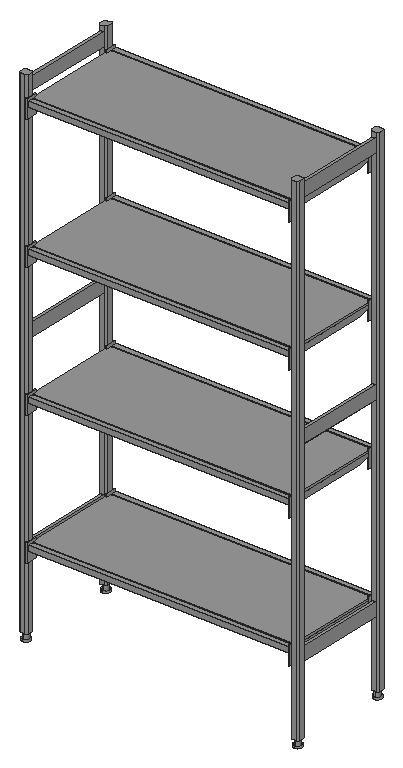
Revit family "QF_ZANUSSI_137012_ALS950", category Attrezzature speciali, Revit 2020
Family settings
  Quota connettore circolare = Usa diametro
  Tipo di parte = Normale
  Basato su piano di lavoro = No
  Sempre verticale = Sì
  Taglio con vuoti quando caricato = No
  Condiviso = No
  Punto di calcolo locali = No
Parameters (values of type "Standard")
  Weight = 18.00 kg
  Watts = 0 W
  Volts = 0 V
  URL Manufacturer = "http://www.zanussiprofessional.com"
  URL = "http://www.zanussiprofessional.com"
  Steam Supply Size = 0 mm
  Steam Supply Minimum Pressure = 0.0 Pa
  Steam Supply Maximum Pressure = 0.0 Pa
  Steam Consumption per Hour = 0
  Refrigeration Suction Line Size = 0.0 mm
  Refrigeration Liquid Line Size = 0.0 mm
  Refrigerant Compressor Remote = yes
  Prospetto di default = 0.0 mm
  Phase = 0
  Modello = "ALS950"
  Produttore = "Zanussi"
  Length Actual = 950.0 mm  # constant formula
  Item Number = "137012"
  Hot Water Size = 0 mm
  Height Actual = 1700.0 mm  # constant formula
  HP = "0 HP"
  Gas Size = 0 mm
  Gas KW = 0
  Gas Input Pressure = 0 W
  Direct Waste Size = 0 mm
  Descrizione = "ALUM.LINEAR SHELV.-POLY.TIERS-373X950MM"
  Depth Actual = 373.0 mm  # constant formula
  Cycle = 0 Hz
  Condensate Return Size = 0 mm
  Compressed Air Volume = 0.0 L/s
  Compressed Air Size = 0 mm
  Compressed Air Pressure = 0.0 Pa
  Cold Water Size = 0 mm
  Accessory = yes
Reference planes
  plane 1: z = 0
  plane 2 "Center (Left/Right)": x = -31
  plane 3 "LEFT": x = -506
  plane 4 "RIGHT": x = 444
  plane 5 "BACK": y = 23
  plane 6 "FRONT": y = -350
  plane 7 "TOP": z = 1700
  plane 8: x = 439
  plane 9: x = -474
  plane 10: x = 412
  plane 11 "Center (Front/Back)": y = -163.5
  plane 12: x = 407
  plane 13: y = -8.5
  plane 14: y = -318.5
  plane 15 "FEET": z = 25
  plane 16: z = 275
  plane 17: z = 725
  plane 18: z = 1175
  plane 19: z = 1625
  plane 20 "CXLeft": x = -492
  plane 21 "CXRight": x = 430
  plane 22: y = 5.5
  plane 23 "CYBack": y = 5.5
  plane 24 "CYFront": y = -332.5
Forms (mm)
  Extrusion 1, solid, material "QF_Aluminum"
    sketch origin (-506, 0, 0) x (0, 1, 0) y (0, 0, 1)
      loop
        line (4, 1650.994) -> (4, 1632.998) -> (23, 1632.998) -> (23, 1650.994) -> (4, 1650.994)
      loop
        line (-331, 1650.994) -> (-350, 1650.994) -> (-350, 1632.998) -> (-331, 1632.998) -> (-331, 1650.994)
      loop
        line (4, 1200.994) -> (4, 1182.998) -> (23, 1182.998) -> (23, 1200.994) -> (4, 1200.994)
      loop
        line (-331, 1200.994) -> (-350, 1200.994) -> (-350, 1182.998) -> (-331, 1182.998) -> (-331, 1200.994)
      loop
        line (4, 750.994) -> (4, 732.998) -> (23, 732.998) -> (23, 750.994) -> (4, 750.994)
      loop
        line (-331, 750.994) -> (-350, 750.994) -> (-350, 732.998) -> (-331, 732.998) -> (-331, 750.994)
      loop
        line (4, 300.994) -> (4, 282.998) -> (23, 282.998) -> (23, 300.994) -> (4, 300.994)
      loop
        line (-331, 300.994) -> (-350, 300.994) -> (-350, 282.998) -> (-331, 282.998) -> (-331, 300.994)
    from 32 to 918
  Extrusion 2, solid, material "QF_Polyethylene"
    sketch origin (-506, 0, 0) x (0, 1, 0) y (0, 0, 1)
      loop
        line (2.007, 1650.994) -> (-329, 1650.994) -> (-329, 1644.496) -> (2.007, 1644.496) -> (2.007, 1650.994)
      loop
        line (2.007, 1200.994) -> (-329, 1200.994) -> (-329, 1194.496) -> (2.007, 1194.496) -> (2.007, 1200.994)
      loop
        line (2.007, 750.994) -> (-329, 750.994) -> (-329, 744.496) -> (2.007, 744.496) -> (2.007, 750.994)
      loop
        line (2.007, 300.994) -> (-329, 300.994) -> (-329, 294.496) -> (2.007, 294.496) -> (2.007, 300.994)
    from 32 to 918
  Extrusion 3, solid, material "QF_Aluminum"
    sketch origin (444, 0, 0) x (0, 1, 0) y (0, 0, 1)
      loop
        line (-12, 1632.998) -> (4, 1632.998) -> (4, 1650.994) -> (2.007, 1650.994) -> (2.007, 1644.496) -> (-329, 1644.496) -> (-329, 1650.994) -> (-331, 1650.994) -> (-331, 1632.998) -> (-315, 1632.998) -> (-281, 1620.994) -> (-46, 1620.994) -> (-12, 1632.998)
      loop
        line (-12, 1182.998) -> (4, 1182.998) -> (4, 1200.994) -> (2.007, 1200.994) -> (2.007, 1194.496) -> (-329, 1194.496) -> (-329, 1200.994) -> (-331, 1200.994) -> (-331, 1182.998) -> (-315, 1182.998) -> (-281, 1170.994) -> (-46, 1170.994) -> (-12, 1182.998)
      loop
        line (-12, 732.998) -> (4, 732.998) -> (4, 750.994) -> (2.007, 750.994) -> (2.007, 744.496) -> (-329, 744.496) -> (-329, 750.994) -> (-331, 750.994) -> (-331, 732.998) -> (-315, 732.998) -> (-281, 720.994) -> (-46, 720.994) -> (-12, 732.998)
      loop
        line (-12, 282.998) -> (4, 282.998) -> (4, 300.994) -> (2.007, 300.994) -> (2.007, 294.496) -> (-329, 294.496) -> (-329, 300.994) -> (-331, 300.994) -> (-331, 282.998) -> (-315, 282.998) -> (-281, 270.994) -> (-46, 270.994) -> (-12, 282.998)
    from -32 to -37
Lines and regions (mm)
  symbolic lines
    curve 1: line (412, 4, 1700) -> (-474, 4, 1700)
    curve 2: line (-478, 23, 1700) -> (416, 23, 1700)
    curve 3: line (416, 13.246, 1700) -> (422.254, 19.5, 1700)
    curve 4: line (422.254, -8.5, 1700) -> (416, -2.246, 1700)
    curve 5: line (422.254, -318.5, 1700) -> (416, -324.754, 1700)
    curve 6: line (-478, -350, 1700) -> (416, -350, 1700)
    curve 7: line (416, 23, 1700) -> (416, -12.993, 1700)
    curve 8: line (416, -12.993, 1700) -> (412, -12.993, 1700)
    curve 9: line (416, -350, 1700) -> (416, -314.007, 1700)
    curve 10: line (416, -314.007, 1700) -> (412, -314.007, 1700)
    curve 11: line (-474, -12.993, 1700) -> (-474, -314.007, 1700)
    curve 12: line (-474, -331, 1700) -> (412, -331, 1700)
    curve 13: line (412, -12.993, 1700) -> (412, -314.007, 1700)
Dimensions and locks
  locked: plane 3 "LEFT" to plane 4 "RIGHT" at 950
  equal spacing: plane 3 "LEFT", plane 2 "Center (Left/Right)", plane 4 "RIGHT"
  locked: plane 7 "TOP" to level at 1700
  locked: plane 5 "BACK" to plane 6 "FRONT" at 373
  locked: plane 4 "RIGHT" to plane 8 at 5
  locked: plane 9 to plane 10 at 886
  locked: plane 3 "LEFT" to plane 9 at 32
  plane 12 to plane 10 = 5.0 mm
  locked: plane 13 to plane 14 at 310
  equal spacing: plane 13, plane 11 "Center (Front/Back)", plane 14
  equal spacing: plane 5 "BACK", plane 11 "Center (Front/Back)", plane 6 "FRONT"
  plane 15 "FEET" to level = 25.0 mm
  plane 7 "TOP" to plane 15 "FEET" = 1675.0 mm
  plane 16 to plane 15 "FEET" = 250.0 mm
  plane 17 to plane 16 = 450.0 mm
  plane 18 to plane 17 = 450.0 mm
  plane 19 to plane 18 = 450.0 mm
  locked: plane 3 "LEFT" to plane 20 "CXLeft" at 14
  locked: plane 21 "CXRight" to plane 4 "RIGHT" at 14
  locked: plane 5 "BACK" to plane 23 "CYBack" at 17.5
  locked: plane 24 "CYFront" to plane 6 "FRONT" at 17.5
  aligned and locked: level to plane 1
  aligned and locked: plane 9 to Extrusion 2
  aligned and locked: Extrusion 2 to plane 10
  aligned and locked: plane 9 to Extrusion 1
  aligned and locked: Extrusion 1 to plane 10
  aligned and locked: Extrusion 1 sketch curve to Extrusion 1 sketch curve  (x2)
  aligned and locked: Extrusion 3 sketch curve to Extrusion 3 sketch curve  (x3)
  aligned and locked: Extrusion 3 to plane 12
  aligned and locked: Extrusion 3 to plane 10
  aligned and locked: plane 20 "CXLeft" to nested 1
  aligned and locked: plane 21 "CXRight" to nested 2
Automatic sketch dimensions
  Extrusion 1 sketch curve to plane 6 "FRONT" = 0.0 mm  (x4)
  Extrusion 1 sketch curve to plane 5 "BACK" = 0.0 mm  (x4)
  plane 24 "CYFront" to Extrusion 1 sketch curve = 1.5 mm  (x2)
  plane 22 to Extrusion 1 sketch curve = 1.5 mm  (x4)
  plane 16 to Extrusion 1 sketch curve = 7.998 mm  (x2)
  Extrusion 1 sketch curve to Extrusion 1 sketch curve = 17.997 mm  (x8)
  plane 17 to Extrusion 1 sketch curve = 7.998 mm  (x2)
  plane 18 to Extrusion 1 sketch curve = 7.998 mm  (x2)
  plane 19 to Extrusion 1 sketch curve = 7.998 mm  (x2)
  plane 24 "CYFront" to Extrusion 2 sketch curve = 3.5 mm  (x4)
  plane 22 to Extrusion 2 sketch curve = 3.493 mm  (x4)
  plane 16 to Extrusion 2 sketch curve = 19.496 mm
  Extrusion 2 sketch curve to Extrusion 2 sketch curve = 6.499 mm  (x4)
  plane 17 to Extrusion 2 sketch curve = 19.496 mm
  plane 18 to Extrusion 2 sketch curve = 19.496 mm
  plane 19 to Extrusion 2 sketch curve = 19.496 mm
  plane 24 "CYFront" to Extrusion 3 sketch curve = 1.5 mm  (x4)
  Extrusion 3 sketch curve to Extrusion 3 sketch curve = 2.0 mm
  plane 14 to Extrusion 3 sketch curve = 3.5 mm  (x4)
  Extrusion 3 sketch curve to plane 16 = 4.006 mm
  Extrusion 3 sketch curve to Extrusion 3 sketch curve = 34.0 mm  (x4)
  Extrusion 3 sketch curve to plane 17 = 4.006 mm
  Extrusion 3 sketch curve to plane 18 = 4.006 mm
  Extrusion 3 sketch curve to plane 19 = 4.006 mm
  Extrusion 3 sketch curve to plane 13 = 37.5 mm  (x4)
  Extrusion 3 sketch curve to plane 13 = 3.5 mm  (x4)
  plane 22 to Extrusion 3 sketch curve = 3.493 mm  (x4)
  plane 22 to Extrusion 3 sketch curve = 1.5 mm  (x4)
  plane 16 to Extrusion 3 sketch curve = 7.998 mm  (x2)
  Extrusion 3 sketch curve to Extrusion 3 sketch curve = 11.498 mm  (x4)
  Extrusion 3 sketch curve to Extrusion 3 sketch curve = 6.499 mm  (x8)
  plane 17 to Extrusion 3 sketch curve = 7.998 mm  (x2)
  plane 18 to Extrusion 3 sketch curve = 7.998 mm  (x2)
  plane 19 to Extrusion 3 sketch curve = 7.998 mm  (x2)
  curve 6 to plane 6 "FRONT" = 0.0 mm
  curve 12 to plane 9 = 0.0 mm
  curve 12 to plane 10 = 0.0 mm
  curve 5 to plane 14 = 0.0 mm
  curve 11 to plane 9 = 0.0 mm
  curve 8 to plane 10 = 0.0 mm
  curve 4 to plane 13 = 0.0 mm
  curve 1 to plane 9 = 0.0 mm
  curve 1 to plane 10 = 0.0 mm
  curve 2 to plane 5 "BACK" = 0.0 mm
  plane 14 to curve 10 = 4.493 mm
  curve 7 to plane 13 = 4.493 mm
  curve 10 to plane 10 = 4.0 mm
  curve 7 to plane 10 = 4.0 mm
  plane 24 "CYFront" to curve 12 = 1.5 mm
  curve 5 to plane 14 = 6.254 mm
  plane 14 to curve 11 = 4.493 mm
  curve 11 to plane 13 = 4.493 mm
  plane 13 to curve 4 = 6.254 mm
  plane 22 to curve 1 = 1.5 mm
  curve 3 to plane 22 = 7.746 mm
  curve 3 to plane 5 "BACK" = 3.5 mm
  curve 5 to curve 9 = 6.254 mm
  curve 3 to curve 2 = 6.254 mm
  curve 4 to curve 7 = 6.254 mm
  plane 9 to curve 2 = 4.0 mm
  plane 9 to curve 6 = 4.0 mm
Nested families
  nested 1: "WT_Anta373" at (-89, 0, 0), type "WT_Anta373"
  nested 2: "WT_Anta373" at (27, 0, 0) x (-1, 0, 0) z (0, 0, 1), type "WT_Anta373"
Definition of nested family "WT_Anta373"
  Parameters
    WidthLeft = A + 64.0 mm  # 772.0 mm
    Width = 1606.0 mm
    Right = WidthLeft / 2  # 386.0 mm
    Default Elevation = 0.0 mm
    Left = -WidthLeft / 2  # -386.0 mm
    Height = 1725.0 mm
    FEET = 25.0 mm
    E = 0.0 mm
    Dint = Depth - 63.0 mm  # 310.0 mm
    Dext = Depth - 8.0 mm  # 365.0 mm
    Depth = 373.0 mm
    DX = (WidthLeft - A) / 2  # 32.0 mm
    B = 798.0 mm
    A = 708.0 mm
  Reference planes
    plane 1: z = 0
    plane 2 "LEFT": x = -417
    plane 3 "BACK": y = 23
    plane 4 "FRONT": y = -350
    plane 5 "TOP": z = 1725
    plane 6 "Center (Front/Back)": y = -163.5
    plane 7: y = -8.5
    plane 8: y = -318.5
    plane 9 "FEET": z = 25
    plane 10: z = 275
    plane 11: z = 725
    plane 12: z = 1175
    plane 13: z = 1625
    plane 14 "CXLeft": x = -403
    plane 15: y = 5.5
    plane 16 "CYBack": y = 5.5
    plane 17 "CYFront": y = -332.5
    plane 18: x = -385.031
    plane 19: x = -380.031
  Forms (mm)
    Extrusion 1, solid
      sketch origin (0, 0, 0) x (1, 0, 0) y (0, 1, 0)
        loop
          line (-417, 13.246) -> (-417, -2.246) -> (-410.746, -8.5) -> (-395.254, -8.5) -> (-389, -2.246) -> (-389, 13.246) -> (-395.254, 19.5) -> (-410.746, 19.5) -> (-417, 13.246)
      from 1725 to 25
    Extrusion 2, solid
      sketch origin (-417, 0, 0) x (0, 1, 0) y (0, 0, 1)
        loop
          line (23, 246.005) -> (23, 307.993) -> (-12.993, 307.993) -> (-12.993, 246.005) -> (23, 246.005)
        loop
          line (-350, 246.005) -> (-314.007, 246.005) -> (-314.007, 307.993) -> (-350, 307.993) -> (-350, 246.005)
        loop
          line (23, 696.005) -> (23, 757.993) -> (-12.993, 757.993) -> (-12.993, 696.005) -> (23, 696.005)
        loop
          line (-350, 696.005) -> (-314.007, 696.005) -> (-314.007, 757.993) -> (-350, 757.993) -> (-350, 696.005)
        loop
          line (23, 1146.005) -> (23, 1207.993) -> (-12.993, 1207.993) -> (-12.993, 1146.005) -> (23, 1146.005)
        loop
          line (-350, 1146.005) -> (-314.007, 1146.005) -> (-314.007, 1207.993) -> (-350, 1207.993) -> (-350, 1146.005)
        loop
          line (23, 1596.005) -> (23, 1657.993) -> (-12.993, 1657.993) -> (-12.993, 1596.005) -> (23, 1596.005)
        loop
          line (-350, 1596.005) -> (-314.007, 1596.005) -> (-314.007, 1657.993) -> (-350, 1657.993) -> (-350, 1596.005)
      from 28 to 32
    Revolve 3, solid
      sketch origin (-403, 0, 0) x (0, 1, 0) y (0, 0, 1)
        loop
          line (5.5, 25) -> (5.5, 0) -> (19, 0) -> (19, 5) -> (14, 5) -> (14, 25) -> (5.5, 25)
        axis (5.5, 25) -> (5.5, 0)
      angle from 0 to 360
    Extrusion 4, solid
      sketch origin (-403, 0, 0) x (0, 1, 0) y (0, 0, 1)
        loop
          line (-8.5, 912.382) -> (-8.5, 957.374) -> (-318.5, 957.374) -> (-318.5, 912.382) -> (-8.5, 912.382)
        loop
          line (-8.5, 1662.244) -> (-8.5, 1707.236) -> (-318.5, 1707.236) -> (-318.5, 1662.244) -> (-8.5, 1662.244)
      from -5 to 5
    Revolve 5, solid
      sketch origin (-403, -627, 0) x (0, -1, 0) y (0, 0, 1)
        loop
          line (-294.5, 25) -> (-294.5, 0) -> (-281, 0) -> (-281, 5) -> (-286, 5) -> (-286, 25) -> (-294.5, 25)
        axis (-294.5, 25) -> (-294.5, 0)
      angle from 0 to 360
    Extrusion 6, solid
      sketch origin (0, -627, 0) x (1, 0, 0) y (0, 1, 0)
        loop
          line (-417, 286.754) -> (-410.746, 280.5) -> (-395.254, 280.5) -> (-389, 286.754) -> (-389, 302.246) -> (-395.254, 308.5) -> (-410.746, 308.5) -> (-417, 302.246) -> (-417, 286.754)
      from 1725 to 25
    Extrusion 7, solid
      sketch origin (-417.031, -0.022, 0) x (0, 1, 0) y (0, 0, -1)
        loop
          line (-12, -1632.998) -> (-46, -1620.994) -> (-281, -1620.994) -> (-315, -1632.998) -> (-331, -1632.998) -> (-331, -1650.994) -> (-329, -1650.994) -> (-329, -1644.496) -> (2.007, -1644.496) -> (2.007, -1650.994) -> (4, -1650.994) -> (4, -1632.998) -> (-12, -1632.998)
        loop
          line (-12, -1182.998) -> (-46, -1170.994) -> (-281, -1170.994) -> (-315, -1182.998) -> (-331, -1182.998) -> (-331, -1200.994) -> (-329, -1200.994) -> (-329, -1194.496) -> (2.007, -1194.496) -> (2.007, -1200.994) -> (4, -1200.994) -> (4, -1182.998) -> (-12, -1182.998)
        loop
          line (-12, -732.998) -> (-46, -720.994) -> (-281, -720.994) -> (-315, -732.998) -> (-331, -732.998) -> (-331, -750.994) -> (-329, -750.994) -> (-329, -744.496) -> (2.007, -744.496) -> (2.007, -750.994) -> (4, -750.994) -> (4, -732.998) -> (-12, -732.998)
        loop
          line (-12, -282.998) -> (-46, -270.994) -> (-281, -270.994) -> (-315, -282.998) -> (-331, -282.998) -> (-331, -300.994) -> (-329, -300.994) -> (-329, -294.496) -> (2.007, -294.496) -> (2.007, -300.994) -> (4, -300.994) -> (4, -282.998) -> (-12, -282.998)
      from -32 to -37
    Extrusion 8, solid
      sketch origin (-403, 0, -659.878) x (0, 1, 0) y (0, 0, 1)
        loop
          line (-8.5, 912.382) -> (-8.5, 957.374) -> (-318.5, 957.374) -> (-318.5, 912.382) -> (-8.5, 912.382)
        loop
          line (-8.5, 1572.382) -> (-8.5, 1617.374) -> (-318.5, 1617.374) -> (-318.5, 1572.382) -> (-8.5, 1572.382)
        loop
          line (-8.5, 2322.382) -> (-8.5, 2367.374) -> (-318.5, 2367.374) -> (-318.5, 2322.382) -> (-8.5, 2322.382)
      from -5 to 5
  Lines and regions (mm)
    symbolic lines
      curve 1: line (-408, -8.5, 1725) -> (-408, -318.5, 1725)
      curve 2: line (-398, -318.5, 1725) -> (-398, -8.5, 1725)
      curve 3: line (-395.254, -8.5, 1725) -> (-410.746, -8.5, 1725)
      curve 4: line (-417, -2.246, 1725) -> (-410.746, -8.5, 1725)
      curve 5: line (-417, 13.246, 1725) -> (-417, -2.246, 1725)
      curve 6: line (-410.746, 19.5, 1725) -> (-417, 13.246, 1725)
      curve 7: line (-395.254, 19.5, 1725) -> (-410.746, 19.5, 1725)
      curve 8: line (-389, 13.246, 1725) -> (-395.254, 19.5, 1725)
      curve 9: line (-395.254, -8.5, 1725) -> (-389, -2.246, 1725)
      curve 10: line (-395.254, -318.5, 1725) -> (-410.746, -318.5, 1725)
      curve 11: line (-417, -324.754, 1725) -> (-410.746, -318.5, 1725)
      curve 12: line (-410.746, -346.5, 1725) -> (-417, -340.246, 1725)
      curve 13: line (-395.254, -346.5, 1725) -> (-410.746, -346.5, 1725)
      curve 14: line (-389, -340.246, 1725) -> (-395.254, -346.5, 1725)
      curve 15: line (-395.254, -318.5, 1725) -> (-389, -324.754, 1725)
      curve 16: line (-389, -350, 1725) -> (-389, -314.007, 1725)
      curve 17: line (-389, -314.007, 1725) -> (-385, -314.007, 1725)
      curve 18: line (-389, 23, 1725) -> (-389, -12.993, 1725)
      curve 19: line (-389, -12.993, 1725) -> (-385, -12.993, 1725)
      curve 20: line (-417, -324.754, 1725) -> (-417, -340.246, 1725)
      curve 21: line (-385, -350, 1725) -> (-385, -314.007, 1725)
      curve 22: line (-385, -350, 1725) -> (-389, -350, 1725)
      curve 23: line (-385, 23, 1725) -> (-389, 23, 1725)
      curve 24: line (-385, -12.993, 1725) -> (-385, 23, 1725)
      curve 25: line (-385.031, -13.016, 1725) -> (-385.031, -314.029, 1725)
  Dimensions and locks
    "Height": plane 5 "TOP" to level
    "Depth": plane 3 "BACK" to plane 4 "FRONT"
    "Dint": plane 7 to plane 8
    equal spacing: plane 7, plane 6 "Center (Front/Back)", plane 8
    equal spacing: plane 3 "BACK", plane 6 "Center (Front/Back)", plane 4 "FRONT"
    plane 9 "FEET" to level = 25.0 mm
    plane 5 "TOP" to plane 9 "FEET" = 1700.0 mm
    plane 10 to plane 9 "FEET" = 250.0 mm
    plane 11 to plane 10 = 450.0 mm
    plane 12 to plane 11 = 450.0 mm
    plane 13 to plane 12 = 450.0 mm
    locked: plane 2 "LEFT" to plane 14 "CXLeft" at 14
    locked: plane 3 "BACK" to plane 16 "CYBack" at 17.5
    locked: plane 17 "CYFront" to plane 4 "FRONT" at 17.5
    locked: Revolve 3 sketch curve to Revolve 3 sketch curve at 8.5
    locked: Revolve 3 sketch curve to plane 16 "CYBack" at 13.5
    locked: Revolve 5 sketch curve to Revolve 5 sketch curve at 8.5
    aligned and locked: level to plane 1
    aligned and locked: curve 20 to Extrusion 6
    aligned and locked: plane 5 "TOP" to Extrusion 1
    aligned and locked: plane 5 "TOP" to Extrusion 6
    aligned and locked: Extrusion 7 sketch curve to Extrusion 7 sketch curve  (x3)
  Automatic sketch dimensions
    curve 16 to plane 4 "FRONT" = 0.0 mm
    curve 11 to plane 8 = 0.0 mm
    curve 9 to plane 7 = 0.0 mm
    curve 5 to plane 2 "LEFT" = 0.0 mm
    curve 23 to plane 3 "BACK" = 0.0 mm
    plane 4 "FRONT" to curve 13 = 3.5 mm
    curve 20 to plane 17 "CYFront" = 7.746 mm
    curve 20 to plane 8 = 6.254 mm
    plane 8 to curve 16 = 4.493 mm
    curve 24 to plane 18 = 0.031 mm
    curve 24 to plane 7 = 4.493 mm
    plane 7 to curve 5 = 6.254 mm
    curve 5 to plane 15 = 7.746 mm
    curve 6 to plane 3 "BACK" = 3.5 mm
    curve 21 to plane 18 = 0.031 mm
    plane 18 to curve 23 = 3.969 mm
    plane 18 to curve 16 = 3.969 mm
    curve 18 to curve 8 = 6.254 mm
    curve 18 to curve 3 = 6.254 mm
    curve 16 to curve 13 = 6.254 mm
    curve 16 to curve 15 = 6.254 mm
    plane 2 "LEFT" to curve 10 = 6.254 mm
    plane 2 "LEFT" to curve 7 = 6.254 mm
    plane 2 "LEFT" to curve 12 = 6.254 mm
    plane 2 "LEFT" to curve 3 = 6.254 mm
    curve 14 to plane 17 "CYFront" = 7.746 mm
    curve 15 to plane 8 = 6.254 mm
    plane 7 to curve 9 = 6.254 mm
    curve 8 to plane 15 = 7.746 mm
    curve 3 to curve 2 = 2.746 mm
    curve 1 to curve 10 = 2.746 mm
    Extrusion 1 sketch curve to plane 2 "LEFT" = 0.0 mm
    Extrusion 1 sketch curve to plane 7 = 0.0 mm
    plane 2 "LEFT" to Extrusion 1 sketch curve = 6.254 mm  (x2)
    plane 14 "CXLeft" to Extrusion 1 sketch curve = 7.746 mm  (x2)
    Extrusion 1 sketch curve to plane 3 "BACK" = 3.5 mm
    plane 18 to Extrusion 1 sketch curve = 3.969 mm
    plane 7 to Extrusion 1 sketch curve = 6.254 mm  (x2)
    Extrusion 1 sketch curve to plane 15 = 7.746 mm  (x2)
    Extrusion 2 sketch curve to plane 4 "FRONT" = 0.0 mm  (x4)
    Extrusion 2 sketch curve to plane 3 "BACK" = 0.0 mm  (x4)
    plane 8 to Extrusion 2 sketch curve = 4.493 mm  (x4)
    Extrusion 2 sketch curve to plane 7 = 4.493 mm  (x4)
    Extrusion 2 sketch curve to plane 10 = 28.995 mm  (x2)
    plane 10 to Extrusion 2 sketch curve = 32.993 mm  (x2)
    Extrusion 2 sketch curve to plane 11 = 28.995 mm  (x2)
    plane 11 to Extrusion 2 sketch curve = 32.993 mm  (x2)
    Extrusion 2 sketch curve to plane 12 = 28.995 mm  (x2)
    plane 12 to Extrusion 2 sketch curve = 32.993 mm  (x2)
    Extrusion 2 sketch curve to plane 13 = 28.995 mm  (x2)
    plane 13 to Extrusion 2 sketch curve = 32.993 mm  (x2)
    Revolve 3 sketch curve to plane 9 "FEET" = 0.0 mm  (x2)
    Revolve 3 sketch curve to plane 15 = 0.0 mm  (x2)
    Revolve 3 sketch curve to level = 0.0 mm
    level to Revolve 3 sketch curve = 5.0 mm
    Revolve 3 sketch curve to Revolve 3 sketch curve = 11.655 mm
    Extrusion 4 sketch curve to plane 8 = 0.0 mm  (x2)
    Extrusion 4 sketch curve to plane 7 = 0.0 mm  (x2)
    plane 11 to Extrusion 4 sketch curve = 187.382 mm
    Extrusion 4 sketch curve to Extrusion 4 sketch curve = 44.992 mm
    plane 13 to Extrusion 4 sketch curve = 37.244 mm
    Extrusion 4 sketch curve to plane 5 "TOP" = 17.764 mm
    Revolve 5 sketch curve to plane 9 "FEET" = 0.0 mm  (x2)
    Revolve 5 sketch curve to plane 17 "CYFront" = 0.0 mm  (x2)
    Revolve 5 sketch curve to level = 0.0 mm
    Revolve 5 sketch curve to plane 4 "FRONT" = 4.0 mm
    Revolve 5 sketch curve to Revolve 5 sketch curve = 5.0 mm
    level to Revolve 5 sketch curve = 11.655 mm
    Extrusion 6 sketch curve to plane 2 "LEFT" = 0.0 mm
    Extrusion 6 sketch curve to plane 8 = 0.0 mm
    Extrusion 6 sketch curve to plane 2 "LEFT" = 6.254 mm  (x2)
    Extrusion 6 sketch curve to plane 14 "CXLeft" = 7.746 mm  (x2)
    Extrusion 6 sketch curve to plane 4 "FRONT" = 3.5 mm
    Extrusion 6 sketch curve to plane 18 = 3.969 mm
    plane 8 to Extrusion 6 sketch curve = 6.254 mm  (x2)
    plane 17 "CYFront" to Extrusion 6 sketch curve = 7.746 mm  (x2)
    plane 17 "CYFront" to Extrusion 7 sketch curve = 1.478 mm  (x4)
    Extrusion 7 sketch curve to Extrusion 7 sketch curve = 2.0 mm
    plane 8 to Extrusion 7 sketch curve = 3.478 mm  (x4)
    Extrusion 7 sketch curve to plane 10 = 4.006 mm
    Extrusion 7 sketch curve to Extrusion 7 sketch curve = 34.0 mm  (x4)
    Extrusion 7 sketch curve to plane 11 = 4.006 mm
    Extrusion 7 sketch curve to plane 12 = 4.006 mm
    Extrusion 7 sketch curve to plane 13 = 4.006 mm
    Extrusion 7 sketch curve to plane 7 = 37.522 mm  (x4)
    Extrusion 7 sketch curve to plane 7 = 3.522 mm  (x4)
    plane 15 to Extrusion 7 sketch curve = 3.516 mm  (x4)
    plane 15 to Extrusion 7 sketch curve = 1.522 mm  (x4)
    plane 13 to Extrusion 7 sketch curve = 7.998 mm  (x2)
    Extrusion 7 sketch curve to Extrusion 7 sketch curve = 11.498 mm
    Extrusion 7 sketch curve to Extrusion 7 sketch curve = 6.499 mm  (x5)
    plane 12 to Extrusion 7 sketch curve = 25.994 mm  (x2)
    plane 12 to Extrusion 7 sketch curve = 7.998 mm  (x2)
    plane 11 to Extrusion 7 sketch curve = 25.994 mm  (x2)
    plane 11 to Extrusion 7 sketch curve = 7.998 mm  (x2)
    plane 10 to Extrusion 7 sketch curve = 25.994 mm  (x2)
    plane 10 to Extrusion 7 sketch curve = 7.998 mm  (x2)
    curve 25 to plane 18 = 0.0 mm
    plane 8 to curve 25 = 4.471 mm
    curve 25 to plane 7 = 4.516 mm
    Extrusion 8 sketch curve to plane 8 = 0.0 mm  (x3)
    Extrusion 8 sketch curve to plane 7 = 0.0 mm  (x3)
    Extrusion 8 sketch curve to plane 10 = 22.496 mm
    plane 10 to Extrusion 8 sketch curve = 22.496 mm
    plane 11 to Extrusion 8 sketch curve = 187.504 mm
    Extrusion 8 sketch curve to Extrusion 8 sketch curve = 44.992 mm
    plane 13 to Extrusion 8 sketch curve = 37.504 mm
    Extrusion 8 sketch curve to plane 5 "TOP" = 17.504 mm
